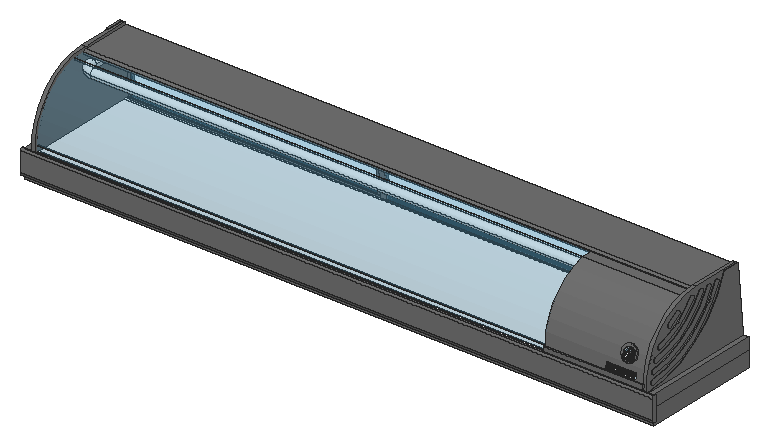
Revit family "QF_HOSHIZAKI_HNC-180BE-R-BH", category Specialty Equipment, Revit 2016
Family settings
  Part Type = Normal
  Round Connector Dimension = Use Diameter
  OmniClass Number = 23.40.40.14
  OmniClass Title = Food Service Equipment
  Work Plane-Based = No
  Always vertical = Yes
  Cut with Voids When Loaded = No
  Shared = No
  Room Calculation Point = No
Parameters (values of type "HNC-180BE-R-BH_230V/1Ph/50Hz")
  Weight = 42.00 kg
  Waste Remarks [instance] = ""
  Volts = 230 V
  URL Cutsheet = ""
  URL = "www.hoshizaki-europe.com"
  Status [instance] = ""
  Specification by User [instance] = ""
  Specification by Manufacturer [instance] = ""
  Serial Number = ""
  Seismic Rating = ""
  SMACNA No = ""
  Revision Code [instance] = ""
  Phase = 1
  Number of Poles = 2
  NAFEM Spec ID Number = ""
  Model = "HNC-180BE-R-BH"
  Min Ckt Ampacity = 0 A
  Max Overcurrent Protection = 0 A
  Masterspec = ""
  Manufacturer = "HOSHIZAKI"
  Length Actual = 1800 mm
  Item Number [instance] = ""
  Installed By [instance] = ""
  Indirect Waste Size = 50.8 mm
  Indirect Waste Connection Type [instance] = ""
  Indirect Waste Connection Height [instance] = 23 mm
  Identify Quantity as Lot [instance] = no
  Height Actual = 270 mm
  HP power = ""
  Furnished By [instance] = ""
  Foodservice Equipment Identifier [instance] = yes
  FL Amps = 0.6 A
  Electric power = 140 W
  Electric Connection Type [instance] = ""
  Elec Conn RI Height [instance] = 0 mm
  Elec Conn Connection Height [instance] = 19 mm
  Direct Waste RI Height [instance] = 0 mm
  Description = "SUSHI CASE, RIGHT SIDED - BLACK"
  Depth Actual = 345 mm
  Cycle = 50 Hz
  Cost = 0
  Conn Plug = ""
  Conn Conduit = no
  CSI MasterFormat = ""
  Assembly Code = "E1090320"
  Apparent Power = 140 VA
  Accessory = no
Reference planes
  plane 1 "Center (Front/Back)": y = 0
  plane 2: z = 0
  plane 3 "Center (Left/Right)": x = 0
Forms (mm)
  Extrusion 1, solid, not visible
    sketch origin (1769, -2, 18) x (1, 0, 0) y (0, 1, 0)
      loop
        line (0, 0) -> (2, 0) -> (2, 2) -> (0, 2) -> (0, 0)
    from 0 to 2
  Extrusion 2, solid, not visible
    sketch origin (67, -2, 22) x (1, 0, 0) y (0, 1, 0)
      loop
        line (0, 0) -> (2, 0) -> (2, 2) -> (0, 2) -> (0, 0)
    from 0 to 2
Dimensions and locks
  aligned and locked: level to plane 2
Nested families
  nested 1: "QF_HOSHIZAKI_HNC-180BE-R-BH_230V_1Ph_50Hz" at (0, 0, 0), type "HNC-180BE-R-BH_230V/1Ph/50Hz"
    with Status "", Specification by User "", Show Clearance yes, Revision Code "", Number of Poles 1, Item Number "", Installed By "", Identify Quantity as Lot no, Furnished By "", Foodservice Equipment Identifier yes, Electrical Remarks "", Electric Connection Type "", Elec Conn RI Height 0 mm, Elec Conn Connection Height 19 mm, Conn Conduit yes
Connectors
  electrical at (1770, 0, 19), driven by "Apparent Power", driven by "Number of Poles", driven by "Volts"
    settings: on Extrusion 1, index 1, voltage 230 V, apparent load 0 VA, apparent load phase1 140 VA, apparent load phase2 0 VA, apparent load phase3 0 VA, power factor 1, load classification "Other", number of poles 2, system type 31, power factor state 1, is connector primary yes, connector utility no, sub classification motor no, connector description "Electric connection for 'HNC-180BE-R-BH'"
  piping at (68, 0, 23), diameter 50.8, driven by "Indirect Waste Size"
    settings: on Extrusion 2, index 2, connector inside diameter 609.6 mm, connector length 0 mm, flow factor 0, pipe flow 0.0 L/s, pressure drop 0.0 Pa, fitting loss kfactor 0, connector angle 0.00°, fixture units 0, engagement length 0 mm, angle of deflection 0.00°, flow configuration 1, flow direction 2, fitting loss method 0, system type 16, joint type 0, gender type 0, connector reference index -1, connector utility 0, adjustable connector no, is connector primary yes, connector description "Drain connection for 'HNC-180BE-R-BH'"
Definition of nested family "QF_HOSHIZAKI_HNC-180BE-R-BH_230V_1Ph_50Hz"
  Parameters (values of type "HNC-180BE-R-BH_230V/1Ph/50Hz")
    Weight in Pounds = 92.594
    Electric power = 150 W
    Volts = 230 V
    URL Cutsheet = "www.hoshizaki-europe.com"
    URL = "www.hoshizaki-europe.com"
    Status [instance] = ""
    Specification by User [instance] = ""
    Specification by Manufacturer = ""
    Show Logo = yes
    Show Clearance [instance] = yes
    Serial Number = ""
    Seismic Rating = ""
    SMACNA No = ""
    Revision Code [instance] = ""
    Phase = 1
    Number of Poles [instance] = 1
    NAFEM Spec ID Number = ""
    Model = "HNC-180BE-R-BH"
    Min Ckt Ampacity = 0 A
    Max Overcurrent Protection = 0 A
    Masterspec = ""
    Manufacturer = "HOSHIZAKI"
    Item Number [instance] = ""
    Installed By [instance] = ""
    Identify Quantity as Lot [instance] = no
    HP power = "0.201153000000"
    Furnished By [instance] = ""
    Foodservice Equipment Identifier [instance] = yes
    FL Amps = 20 A
    Electrical Remarks [instance] = ""
    Electric Connection Type [instance] = ""
    Elec Conn RI Height [instance] = 0 mm
    Elec Conn Connection Height [instance] = 19 mm
    Description = "SUSHI CASE, RIGHT SIDED - BLACK"
    Cycle = 50 Hz
    Conn Plug = ""
    Conn Conduit [instance] = yes
    CSI MasterFormat = ""
    Assembly Code = "E1090320"
    Apparent Power = 150 VA
  Reference planes
    plane 1 "Back": y = 0
    plane 2: z = 0
    plane 3 "Left": x = 0
    plane 4 "Right": x = 1800
    plane 5 "Front": y = -345
    plane 6 "Top": z = 270
  Forms (mm)
    Extrusion 1, solid
      sketch origin (1800, 0, 0) x (0, 1, 0) y (0, 0, -1)
        loop
          line (-335, -11.612) -> (-340, -11.612)
          arc (-340, -11.612) -> (-343.536, -13.076) -> (-345, -16.612) r 5
          line (-345, -16.612) -> (-345, -73.923)
          arc (-345, -73.923) -> (-343.536, -77.458) -> (-340, -78.923) r 5
          line (-340, -78.923) -> (-335, -78.923) -> (-335, -11.612)
      from 0 to 1800
    Extrusion 2, solid
      sketch origin (1796, 0, 0) x (0, 1, 0) y (0, 0, -1)
        loop
          line (0, 0) -> (-335, 0) -> (-335, -45.267) -> (0, -45.267) -> (0, 0)
      from 1792 to 0
    Extrusion 3, solid
      sketch origin (20, 0, 0) x (0, 1, 0) y (0, 0, 1)
        loop
          line (-335, 77.311) -> (-335, 45.267) -> (0, 45.267) -> (0, 81.612) -> (-16.482, 270) -> (-62.821, 270)
          arc (-62.821, 270) -> (-168.876, 131.23) -> (-335, 77.311) r 293.422
        loop
          arc (-83.709, 252.219) -> (-87.673, 258.508) -> (-95.039, 257.5) r 6.865
          arc (-95.039, 257.5) -> (-185.592, 150.044) -> (-318.029, 103.066) r 268.422
          arc (-318.029, 103.066) -> (-323.161, 96.407) -> (-317.08, 90.602) r 6.285
          arc (-317.08, 90.602) -> (-178.479, 139.765) -> (-83.709, 252.219) r 280.922
        loop
          arc (-111.859, 251.686) -> (-115.571, 258.059) -> (-122.925, 257.5) r 6.947
          arc (-122.925, 257.5) -> (-202.759, 168.597) -> (-315.28, 128.393) r 243.422
          arc (-315.28, 128.393) -> (-320.31, 121.62) -> (-314.06, 115.953) r 6.28
          arc (-314.06, 115.953) -> (-195.78, 158.227) -> (-111.859, 251.686) r 255.922
        loop
          arc (-140.937, 251.021) -> (-143.81, 258.338) -> (-151.626, 257.5) r 6.48
          arc (-151.626, 257.5) -> (-218.228, 188.332) -> (-308.057, 154.411) r 218.422
          arc (-308.057, 154.411) -> (-312.519, 147.451) -> (-306.269, 142.04) r 6.315
          arc (-306.269, 142.04) -> (-211.328, 177.909) -> (-140.937, 251.021) r 230.922
        loop
          arc (-173, 248.071) -> (-175.054, 255.795) -> (-183.042, 255.516) r 6.411
          arc (-183.042, 255.516) -> (-231.849, 209.297) -> (-293.527, 182.572) r 193.422
          arc (-293.527, 182.572) -> (-298.352, 176.046) -> (-293.13, 169.833) r 6.554
          arc (-293.13, 169.833) -> (-226.037, 198.16) -> (-173, 248.071) r 205.922
        loop
          arc (-225.482, 229.368) -> (-225.701, 237.193) -> (-233.285, 239.134) r 6.501
          arc (-233.285, 239.134) -> (-246.737, 229.431) -> (-261.08, 221.097) r 168.422
          arc (-261.08, 221.097) -> (-262.519, 213.318) -> (-255.34, 209.993) r 6.452
          arc (-255.34, 209.993) -> (-239.933, 218.945) -> (-225.482, 229.368) r 180.922
      from 0 to 5
    Extrusion 4, solid
      sketch origin (25, 0, 0) x (0, 1, 0) y (0, 0, 1)
        loop
          line (-335, 45.267) -> (0, 45.267) -> (0, 81.612) -> (-16.482, 270) -> (-157.482, 270)
          arc (-157.482, 270) -> (-288.48, 212.569) -> (-335, 77.311) r 178.115
          line (-335, 77.311) -> (-335, 45.267)
      from 0 to 10
    Extrusion 5, solid
      sketch origin (1780, 0, 0) x (0, 1, 0) y (0, 0, -1)
        loop
          arc (-335, -77.311) -> (-168.876, -131.23) -> (-62.821, -270) r 293.422
          line (-62.821, -270) -> (-16.482, -270) -> (0, -81.612) -> (0, -45.267) -> (-335, -45.267) -> (-335, -77.311)
        loop
          arc (-83.709, -252.219) -> (-178.479, -139.765) -> (-317.08, -90.602) r 280.922
          arc (-317.08, -90.602) -> (-323.161, -96.407) -> (-318.029, -103.066) r 6.285
          arc (-318.029, -103.066) -> (-185.592, -150.044) -> (-95.039, -257.5) r 268.422
          arc (-95.039, -257.5) -> (-87.673, -258.508) -> (-83.709, -252.219) r 6.865
        loop
          arc (-111.859, -251.686) -> (-195.78, -158.227) -> (-314.06, -115.953) r 255.922
          arc (-314.06, -115.953) -> (-320.31, -121.62) -> (-315.28, -128.393) r 6.28
          arc (-315.28, -128.393) -> (-202.759, -168.597) -> (-122.925, -257.5) r 243.422
          arc (-122.925, -257.5) -> (-115.571, -258.059) -> (-111.859, -251.686) r 6.947
        loop
          arc (-140.937, -251.021) -> (-211.328, -177.909) -> (-306.269, -142.04) r 230.922
          arc (-306.269, -142.04) -> (-312.519, -147.451) -> (-308.057, -154.411) r 6.315
          arc (-308.057, -154.411) -> (-218.228, -188.332) -> (-151.626, -257.5) r 218.422
          arc (-151.626, -257.5) -> (-143.81, -258.338) -> (-140.937, -251.021) r 6.48
        loop
          arc (-173, -248.071) -> (-226.037, -198.16) -> (-293.13, -169.833) r 205.922
          arc (-293.13, -169.833) -> (-298.352, -176.046) -> (-293.527, -182.572) r 6.554
          arc (-293.527, -182.572) -> (-231.849, -209.297) -> (-183.042, -255.516) r 193.422
          arc (-183.042, -255.516) -> (-175.054, -255.795) -> (-173, -248.071) r 6.411
        loop
          arc (-225.482, -229.368) -> (-239.933, -218.945) -> (-255.34, -209.993) r 180.922
          arc (-255.34, -209.993) -> (-262.519, -213.318) -> (-261.08, -221.097) r 6.452
          arc (-261.08, -221.097) -> (-246.737, -229.431) -> (-233.285, -239.134) r 168.422
          arc (-233.285, -239.134) -> (-225.701, -237.193) -> (-225.482, -229.368) r 6.501
      from 0 to 5
    Extrusion 6, solid
      sketch origin (1775, 0, 0) x (0, 1, 0) y (0, 0, -1)
        loop
          line (-335, -45.267) -> (-335, -77.311)
          arc (-335, -77.311) -> (-288.48, -212.569) -> (-157.482, -270) r 178.115
          line (-157.482, -270) -> (-16.482, -270) -> (0, -81.612) -> (0, -45.267) -> (-335, -45.267)
      from 0 to 10
    Extrusion 7, solid
      sketch origin (1800, 0, 0) x (0, 1, 0) y (0, 0, -1)
        loop
          line (-335.005, -77.311) -> (-335.597, -91.885) -> (-330.597, -91.885)
          arc (-330.597, -91.885) -> (-293.716, -198.698) -> (-198.787, -260) r 173.115
          line (-198.787, -260) -> (-15.607, -260) -> (0, -81.612) -> (0, -45.267) -> (-9.983, -45.267) -> (-9.983, -77.311) -> (-335.005, -77.311)
      from 35 to 317
    Extrusion 8, solid
      sketch origin (1800, 0, 0) x (0, 1, 0) y (0, 0, -1)
        loop
          line (-9.983, -45.267) -> (-335, -45.267) -> (-335, -67.293)
          arc (-335, -67.293) -> (-332.066, -74.377) -> (-324.983, -77.311) r 10.017
          line (-324.983, -77.311) -> (-20.035, -77.311)
          arc (-20.035, -77.311) -> (-12.951, -74.377) -> (-9.983, -67.293) r 10.017
          line (-9.983, -67.293) -> (-9.983, -45.267)
      from 35 to 1765
    Extrusion 9, solid
      sketch origin (1800, 0, 0) x (0, 1, 0) y (0, 0, -1)
        loop
          line (-16.044, -265) -> (-15.169, -255) -> (-166.142, -255) -> (-166.142, -260)
          arc (-166.142, -260) -> (-162.482, -263.66) -> (-157.482, -265) r 10
          line (-157.482, -265) -> (-16.044, -265)
      from 35 to 1765
    Extrusion 10, solid
      sketch origin (1800, 0, 0) x (0, 1, 0) y (0, 0, -1)
        loop
          line (-166.142, -260) -> (-166.142, -255) -> (-198.178, -255)
          arc (-198.178, -255) -> (-289.967, -195.377) -> (-325.597, -91.885) r 168.115
          line (-325.597, -91.885) -> (-325.597, -77.395) -> (-330.597, -77.395) -> (-330.597, -91.885)
          arc (-330.597, -91.885) -> (-293.716, -198.698) -> (-198.787, -260) r 173.115
          line (-198.787, -260) -> (-166.142, -260)
      from 317 to 1765
    Sweep 11, solid
      path origin (1201.432, 0, 230) x (-1, 0, 0) y (0, -1, 0)
        loop
          line (1072.551, 50.66) -> (1112.551, 50.66)
          arc (1112.551, 50.66) -> (1140.051, 62.051) -> (1151.442, 89.551) r 38.891
          line (1151.442, 89.551) -> (1151.442, 153.787)
          arc (1151.442, 153.787) -> (1142.122, 176.287) -> (1119.622, 185.607) r 31.82
          line (1119.622, 185.607) -> (-280.378, 185.607)
      profile origin (108.88, -50.66, 230) x (0, -1, 0) y (0, 0, 1)
        loop
          circle (0, 0) r 12.5
    Extrusion 12, solid
      sketch origin (1800, 0, 0) x (0, 1, 0) y (0, 0, -1)
        loop
          line (0, -45.267) -> (-10, -45.267) -> (-10, -77.311) -> (-5, -77.311) -> (-5, -81.612) -> (-6.743, -101.536) -> (-1.743, -101.536) -> (0, -81.612) -> (0, -45.267)
      from 317 to 1765
    Extrusion 13, solid
      sketch origin (1200, 0, 0) x (0, 1, 0) y (0, 0, -1)
        loop
          line (-6.743, -101.536) -> (-20.169, -255) -> (-15.169, -255) -> (-1.743, -101.536) -> (-6.743, -101.536)
      from 1150 to 1165
    Extrusion 14, solid
      sketch origin (1483, -10, 0) x (0, 1, 0) y (0, 0, -1)
        loop
          line (-5, -77.311) -> (-9.917, -77.311) -> (-9.917, -80.666) -> (-25.169, -255) -> (-20.169, -255) -> (-5, -81.612) -> (-5, -77.311)
      from 0 to 700
    Extrusion 15, solid
      sketch origin (1800, 0, 0) x (-1, 0, 0) y (0, 0, -1)
        loop
          line (20, -45.267) -> (4, -45.267) -> (4, -78.923) -> (20, -78.923) -> (20, -45.267)
      from 0 to 335
    Extrusion 16, solid
      sketch origin (20, 0, 0) x (-1, 0, 0) y (0, 0, -1)
        loop
          line (16, -45.267) -> (0, -45.267) -> (0, -78.923) -> (16, -78.923) -> (16, -45.267)
      from 0 to 335
    Extrusion 17, solid
      sketch origin (1770, 5, 19) x (-1, 0, 0) y (0, 0, -1)
        loop
          circle (0, 0) r 5
      from 0 to 5
    Extrusion 18, solid
      sketch origin (600, 0, 0) x (0, 1, 0) y (0, 0, -1)
        loop
          line (-5, -77.311) -> (-9.917, -77.311) -> (-9.917, -80.666) -> (-25.169, -255) -> (-20.169, -255) -> (-5, -81.612) -> (-5, -77.311)
      from -150 to 550
    Extrusion 19, solid
      sketch origin (750, 0, 0) x (0, 1, 0) y (0, 0, 1)
        loop
          line (-6.743, 101.536) -> (-2.401, 109.056) -> (-14.603, 248.524) -> (-20.169, 255) -> (-25.169, 255) -> (-9.917, 80.666) -> (-4.917, 80.666) -> (-6.743, 101.536)
      from 16 to 0
    Extrusion 20, solid
      sketch origin (767, -10, 0) x (0, 1, 0) y (0, 0, 1)
        loop
          line (-6.743, 101.536) -> (-2.401, 109.056) -> (-14.603, 248.524) -> (-20.169, 255) -> (-25.169, 255) -> (-9.917, 80.666) -> (-4.917, 80.666) -> (-6.743, 101.536)
      from 16 to 0
    Extrusion 21, solid, visible <- "Show Logo"
      sketch origin (1610.218, -388.417, -502.561) x (1, 0, 0) y (0, 0.087156, 0.996195)
        loop
          line (55.338, 616.136) -> (55.338, 615.183) -> (56.401, 614.569) -> (56.401, 609.537) -> (55.338, 608.924) -> (55.338, 607.971) -> (59.638, 607.971) -> (59.638, 608.924) -> (58.286, 609.537) -> (58.286, 611.434) -> (61.704, 611.434) -> (61.704, 609.537) -> (60.353, 608.924) -> (60.353, 607.971) -> (64.652, 607.971) -> (64.652, 608.924) -> (63.589, 609.537) -> (63.589, 614.569) -> (64.652, 615.183) -> (64.652, 616.136) -> (60.353, 616.136) -> (60.353, 615.183) -> (61.704, 614.569) -> (61.704, 612.924) -> (58.286, 612.924) -> (58.286, 614.569) -> (59.638, 615.183) -> (59.638, 616.136) -> (55.338, 616.136)
        loop
          spline (69.001, 608.002) -> (70.129, 608.14) -> (71.179, 608.547) -> (72.081, 609.193) -> (72.773, 610.035) -> (73.209, 611.016) -> (73.357, 612.069) -> (73.209, 613.121) -> (72.773, 614.102) -> (72.081, 614.944) -> (71.179, 615.591) -> (70.129, 615.997) -> (69.001, 616.136)
          spline (69.001, 616.136) -> (67.874, 615.997) -> (66.824, 615.591) -> (65.922, 614.944) -> (65.229, 614.102) -> (64.794, 613.121) -> (64.646, 612.069) -> (64.794, 611.016) -> (65.229, 610.035) -> (65.922, 609.193) -> (66.824, 608.547) -> (67.874, 608.14) -> (69.001, 608.002)
        loop
          spline (68.927, 609) -> (69.484, 609.105) -> (70.004, 609.411) -> (70.45, 609.899) -> (70.792, 610.534) -> (71.007, 611.274) -> (71.08, 612.069) -> (71.007, 612.863) -> (70.792, 613.603) -> (70.45, 614.239) -> (70.004, 614.726) -> (69.484, 615.033) -> (68.927, 615.137)
          spline (68.927, 615.137) -> (68.37, 615.033) -> (67.851, 614.726) -> (67.405, 614.239) -> (67.063, 613.603) -> (66.847, 612.863) -> (66.774, 612.069) -> (66.847, 611.274) -> (67.063, 610.534) -> (67.405, 609.899) -> (67.851, 609.411) -> (68.37, 609.105) -> (68.927, 609)
        loop
          line (81.179, 616.194) -> (79.474, 615.758)
          arc (79.474, 615.758) -> (77.281, 616.22) -> (75.089, 615.753) r 5.403
          arc (75.089, 615.753) -> (73.886, 613.9) -> (75.089, 612.047) r 2.029
          line (75.089, 612.047) -> (78.971, 610.634)
          arc (78.971, 610.634) -> (79.436, 609.97) -> (78.971, 609.307) r 0.706
          arc (78.971, 609.307) -> (77.855, 609.11) -> (76.74, 609.307) r 3.262
          line (76.74, 609.307) -> (75.274, 610.772) -> (73.787, 610.772) -> (73.787, 608.097) -> (75.666, 608.577)
          arc (75.666, 608.577) -> (78.223, 607.78) -> (80.78, 608.577) r 4.5
          arc (80.78, 608.577) -> (81.48, 610.43) -> (80.78, 612.283) r 2.804
          line (80.78, 612.283) -> (76.487, 613.433)
          arc (76.487, 613.433) -> (75.882, 614.221) -> (76.487, 615.009) r 0.816
          arc (76.487, 615.009) -> (77.614, 615.157) -> (78.742, 615.009) r 4.357
          line (78.742, 615.009) -> (79.927, 613.433) -> (81.179, 613.433) -> (81.179, 616.194)
        loop
          line (82.271, 616.136) -> (82.271, 615.183) -> (83.334, 614.569) -> (83.334, 609.537) -> (82.271, 608.924) -> (82.271, 607.971) -> (86.57, 607.971) -> (86.57, 608.924) -> (85.219, 609.537) -> (85.219, 611.434) -> (88.636, 611.434) -> (88.636, 609.537) -> (87.285, 608.924) -> (87.285, 607.971) -> (91.585, 607.971) -> (91.585, 608.924) -> (90.522, 609.537) -> (90.522, 614.569) -> (91.585, 615.183) -> (91.585, 616.136) -> (87.285, 616.136) -> (87.285, 615.183) -> (88.636, 614.569) -> (88.636, 612.924) -> (85.219, 612.924) -> (85.219, 614.569) -> (86.57, 615.183) -> (86.57, 616.136) -> (82.271, 616.136)
        loop
          line (96.706, 616.136) -> (92.416, 616.136) -> (92.416, 615.183) -> (93.479, 614.569) -> (93.479, 609.537) -> (92.416, 608.924) -> (92.416, 607.971) -> (96.706, 607.971) -> (96.706, 608.924) -> (95.643, 609.537) -> (95.643, 614.569) -> (96.706, 615.183) -> (96.706, 616.136)
        loop
          line (97.667, 616.136) -> (97.667, 612.671) -> (98.907, 612.671) -> (98.907, 614.463) -> (99.558, 615.114) -> (102.547, 615.114) -> (97.667, 609.299) -> (97.667, 607.971) -> (104.908, 607.971) -> (104.908, 611.273) -> (103.649, 611.273) -> (103.649, 609.958) -> (102.708, 609.299) -> (100.239, 609.299) -> (104.908, 614.862) -> (104.908, 616.136) -> (97.667, 616.136)
        loop
          line (105.624, 607.971) -> (109.33, 607.971) -> (109.33, 609.028) -> (107.454, 609.028) -> (108.104, 610.636) -> (111.138, 610.636) -> (111.792, 609.702) -> (111.119, 609.028) -> (110.298, 609.028) -> (110.298, 607.971) -> (114.469, 607.971) -> (114.469, 609.299) -> (110.933, 616.136) -> (109.33, 616.136) -> (106.458, 609.028) -> (105.624, 609.028) -> (105.624, 607.971)
        loop
          line (114.779, 616.136) -> (114.779, 615.083) -> (116.046, 615.083) -> (116.046, 609.299) -> (114.99, 609.299) -> (114.99, 607.971) -> (118.696, 607.971) -> (117.926, 609.461) -> (117.926, 610.349) -> (119.101, 611.525) -> (121.327, 609.299) -> (120.053, 609.299) -> (120.053, 607.971) -> (124.657, 607.971) -> (124.657, 609.299) -> (123.759, 609.299) -> (120.592, 613.016) -> (122.659, 615.083) -> (123.759, 615.083) -> (123.759, 616.136) -> (120.053, 616.136) -> (120.053, 615.083) -> (121.071, 615.083) -> (117.926, 611.937) -> (118.696, 615.083) -> (118.696, 616.136) -> (114.779, 616.136)
        loop
          line (129.485, 616.136) -> (125.196, 616.136) -> (125.196, 615.183) -> (126.259, 614.569) -> (126.259, 609.537) -> (125.196, 608.924) -> (125.196, 607.971) -> (129.485, 607.971) -> (129.485, 608.924) -> (128.422, 609.537) -> (128.422, 614.569) -> (129.485, 615.183) -> (129.485, 616.136)
        loop
          line (109.583, 614.299) -> (108.553, 611.748) -> (110.666, 611.748) -> (109.583, 614.299)
        loop
          line (52.372, 617.338) -> (52.372, 606.471) -> (131.113, 606.471) -> (131.113, 617.338) -> (52.372, 617.338)
        loop
          line (133.113, 619.338) -> (50.372, 619.338) -> (50.372, 604.471) -> (133.113, 604.471) -> (133.113, 619.338)
      from -1 to 1
    Extrusion 22, solid, visible <- "Show Logo"
      sketch origin (1620.218, -389.662, -522.529) x (1, 0, 0) y (0, 0.087156, 0.996195)
        loop
          line (42.372, 637.338) -> (42.372, 626.471) -> (121.113, 626.471) -> (121.113, 637.338) -> (42.372, 637.338)
      from -1 to 1
    Extrusion 23, solid, visible <- "Show Logo"
      sketch origin (2177.375, -1020.769, -1575.047) x (-1, 0, 0) y (0, -0.374607, -0.927184)
        loop
          circle (459.884, -1862.5) r 13.99
      from 0 to 2.5
    Extrusion 24, solid, visible <- "Show Logo"
      sketch origin (2177.375, -1021.232, -1574.859) x (-1, 0, 0) y (0, -0.374607, -0.927184)
        loop
          circle (459.884, -1862.5) r 15
        loop
          arc (446.884, -1862.5) -> (460.705, -1875.474) -> (472.781, -1860.863) r 13
          line (472.781, -1860.863) -> (470.355, -1858.437) -> (469.346, -1862.201) -> (466.355, -1863.928) -> (465.024, -1865.26) -> (463.375, -1865.26) -> (462.04, -1870.241) -> (457.755, -1870.241) -> (459.339, -1867.979) -> (460.402, -1864.014) -> (461.224, -1860.945) -> (462.416, -1856.497) -> (461.216, -1855.297) -> (459.433, -1857.843) -> (455.784, -1851.523) -> (460.361, -1851.523) -> (461.471, -1853.446) -> (469.213, -1853.446)
          arc (469.213, -1853.446) -> (460.394, -1849.51) -> (451.293, -1852.743) r 13
          line (451.293, -1852.743) -> (455.577, -1853.891) -> (453.752, -1856.497) -> (455.349, -1856.497) -> (454.477, -1866.459) -> (452.538, -1866.459) -> (446.884, -1862.5)
        loop
          line (447.853, -1857.467) -> (452.313, -1861.926) -> (450.144, -1853.891)
          arc (450.144, -1853.891) -> (448.878, -1855.602) -> (447.853, -1857.467) r 15.828
        loop
          line (463.583, -1862.877) -> (466.64, -1862.399) -> (464.901, -1861.285) -> (463.583, -1857.664) -> (463.583, -1862.877)
        loop
          line (464.827, -1855.979) -> (468.296, -1856.908) -> (469.573, -1854.916) -> (468.881, -1854.224) -> (467.914, -1855.035) -> (464.827, -1855.979)
        loop
          line (462.609, -1872.307) -> (462.609, -1874.009) -> (464.927, -1873.388) -> (462.609, -1872.307)
        loop
          line (460.361, -1874.662) -> (459.594, -1873.335) -> (460.801, -1872.638) -> (459.186, -1872.205) -> (458.298, -1874.11) -> (460.361, -1874.662)
        loop
          line (459.623, -1846.783) -> (460.706, -1845.701) -> (462.247, -1845.701) -> (461.191, -1844.645) -> (461.503, -1842.874) -> (459.623, -1843.959) -> (457.743, -1842.874) -> (458.055, -1844.645) -> (456.999, -1845.701) -> (458.54, -1845.701) -> (459.623, -1846.783)
        loop
          line (446.86, -1853.7) -> (446.594, -1852.191) -> (447.478, -1850.929) -> (446.007, -1851.188) -> (444.736, -1849.917) -> (444.547, -1852.08) -> (442.579, -1852.997) -> (444.209, -1853.757) -> (444.468, -1855.228) -> (445.352, -1853.965) -> (446.86, -1853.7)
        loop
          line (452.395, -1848.68) -> (452.856, -1847.219) -> (454.223, -1846.508) -> (452.799, -1846.059) -> (452.258, -1844.344) -> (451.091, -1846.175) -> (448.922, -1846.08) -> (450.017, -1847.507) -> (449.568, -1848.931) -> (450.935, -1848.219) -> (452.395, -1848.68)
        loop
          line (472.909, -1853.7) -> (474.417, -1853.965) -> (475.301, -1855.228) -> (475.56, -1853.757) -> (477.19, -1852.997) -> (475.222, -1852.08) -> (475.033, -1849.917) -> (473.761, -1851.188) -> (472.291, -1850.929) -> (473.175, -1852.191) -> (472.909, -1853.7)
        loop
          line (467.374, -1848.68) -> (468.834, -1848.219) -> (470.201, -1848.931) -> (469.752, -1847.507) -> (470.847, -1846.08) -> (468.678, -1846.175) -> (467.511, -1844.344) -> (466.97, -1846.059) -> (465.546, -1846.508) -> (466.913, -1847.219) -> (467.374, -1848.68)
      from 0 to 2.5
    Extrusion 25, solid, visible <- "Show Logo"
      sketch origin (2177.375, -1021.232, -1574.859) x (-1, 0, 0) y (0, -0.374607, -0.927184)
        loop
          line (462.609, -1874.009) -> (462.609, -1872.307) -> (462.085, -1870.241) -> (457.755, -1870.241) -> (459.339, -1867.979) -> (462.416, -1856.497) -> (461.216, -1855.297) -> (459.433, -1857.843) -> (455.808, -1851.565) -> (453.948, -1851.565) -> (455.577, -1853.891) -> (454.477, -1866.459) -> (456.345, -1871.339)
          arc (456.345, -1871.339) -> (456.868, -1874.025) -> (459.213, -1875.435) r 3.366
          arc (459.213, -1875.435) -> (460.198, -1875.496) -> (461.183, -1875.435) r 8.046
          line (461.183, -1875.435) -> (462.609, -1874.009)
        loop
          line (456.854, -1851.523) -> (460.361, -1851.523) -> (460.916, -1852.485) -> (462.702, -1852.485) -> (463.779, -1851.407) -> (460.623, -1851.407) -> (461.563, -1850.468) -> (456.245, -1850.468) -> (456.854, -1851.523)
        loop
          line (460.361, -1874.662) -> (459.594, -1873.335) -> (460.801, -1872.638) -> (459.186, -1872.205) -> (458.298, -1874.11) -> (460.361, -1874.662)
      from 0 to 2.5
    Extrusion 26, solid, visible <- "Show Logo"
      sketch origin (2162.99, -534.192, -370.728) x (-1, 0, 0) y (0, -0.374607, -0.927184)
        loop
          circle (445.5, -563.6) r 22.5
      from 0 to 2
  Lines and regions (mm)
    symbolic lines
      curve 1: line (1800, -335, 0) -> (1800, -345, 0)
      curve 2: line (1800, -345, 0) -> (0, -345, 0)
      curve 3: line (0, -345, 0) -> (0, -335, 0)
      curve 4: line (0, -335, 0) -> (4, -335, 0)
      curve 5: line (4, -335, 0) -> (4, 0, 0)
      curve 6: line (4, 0, 0) -> (1796, 0, 0)
      curve 7: line (1765, 0, 0) -> (1765, 5, 0)
      curve 8: line (1765, 5, 0) -> (1775, 5, 0)
      curve 9: line (1775, 5, 0) -> (1775, 0, 0)
      curve 10: line (1796, 0, 0) -> (1796, -335, 0)
      curve 11: line (1796, -335, 0) -> (1800, -335, 0)
      curve 12: line (1796, -335, 0) -> (4, -335, 0)
      curve 13: line (35, -335, 0) -> (35, 0, 0)
      curve 14: line (1765, -335, 0) -> (1765, 0, 0)
      curve 15: line (1483, 0, 0) -> (1483, -335, 0)
      curve 16: line (35, -166.142, 0) -> (1483, -166.142, 0)
  Dimensions and locks
    aligned and locked: level to plane 2
  Connectors
    electrical at (1770, 5, 19), driven by "Apparent Power", driven by "Volts", driven by "Number of Poles"
      settings: on Extrusion 17, index 3, voltage 230 V, apparent load 0 VA, apparent load phase1 150 VA, apparent load phase2 0 VA, apparent load phase3 0 VA, power factor 1, load classification none, number of poles 1, system type 31, power factor state 1, is connector primary yes, connector utility no, sub classification motor no, connector description "Electrical connection"
